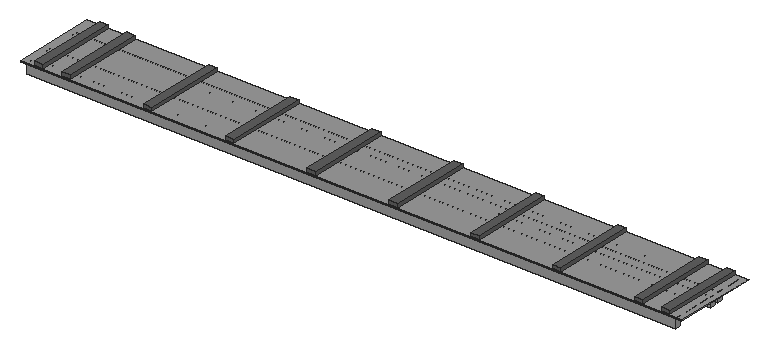
Revit family "9100-C", category Generic Models, host Ceiling, Revit 2020
Family settings
  Host = Ceiling
  Can host rebar = No
  Round Connector Dimension = Use Diameter
  Part Type = Normal
  Always vertical = Yes
  Cut with Voids When Loaded = No
  Shared = No
  Room Calculation Point = No
Parameters
  min_value [instance] = 1' - 11 1/4"  # constant formula
  max_value [instance] = 11' - 11 1/4"  # constant formula
  actual_value [instance] = if(NET LENGTH < min_value, min_value, if(NET LENGTH > max_value, max_value, NET LENGTH))  # 7' - 11 1/4"
  SCRIM MATERIAL [instance] = SCRIM
  SCRIM [instance] = yes
  IMPORTANT NOTE!!!                                                                             *Backer layout is for visualization purposes only, final layout to be determined by 9Wood. = ""
  Default Elevation = 0' - 0"
  BACKER MATERIAL [instance] = BLACK-BACKERS
  .. MEMBER MATERIAL [instance] = Solid Western Hemlock
  NET LENGTH [instance] = 7' - 11 1/4"
  .. MEMBER LENGTH [instance] = actual_value  # 7' - 11 1/4"
Reference planes (in)
  plane 1 "Center (Front/Back)": y = 0
  plane 2 "Ceiling": z = 96
  plane 3 "Center (Left/Right)": x = 0
Dimensions and locks (in)
  equal spacing: host sketch curve, plane 3 "Center (Left/Right)", host sketch curve
  equal spacing: host sketch curve, plane 1 "Center (Front/Back)", host sketch curve
  host sketch curve to host sketch curve = 10' - 0"  (x2)
  aligned and locked: host ceiling to nested 1
Nested families (in)
  nested 1: "9100-C SERIES CONFIG - 6 MEMBER" at (19.74957, -10.64453, 95.5), .. MEMBER LENGTH <- ".. MEMBER LENGTH", .. MEMBER MATERIAL <- ".. MEMBER MATERIAL", BACKING M MATERIAL <- "BACKER MATERIAL", SCRIM  MATERIAL <- "SCRIM MATERIAL", SCRIM <- "SCRIM", type "9100-C SERIES CONFIG - 6 MEMBER"
    with X 7' - 8", SCRIM OVERHANG 2 0' - 0 3/32", SCRIM OVERHANG 0' - 0 7/8", SCRIM LENGTH 8' - 1", SCRIM  MATERIAL SCRIM, SCRIM yes, NOMINAL LENGTH 6, N 8, Inset 6' - 0 3/8", INSET 0' - 1", INDEX 0' - 5 5/8", HYBRID SPACING 5 0' - 9 3/32", HYBRID SPACING 4 0' - 7 23/32", HYBRID SPACING 3 0' - 6 5/16", HYBRID SPACING 2 0' - 4 9/32", HYBRID SPACING 1 0' - 1 13/32", HYBRID DIM 3.25" 0' - 3 1/4", HYBRID DIM 2.25" 0' - 2 1/4", HYBRID DIM 1.375" 0' - 1 3/8", HYBRID DIM 0.625" 0' - 0 3/4", HALF MEMBER WIDTH 0' - 0 3/8", HALF LENGTH 3' - 11 5/8", END BACKER yes, BACKING M WIDTH 0' - 1 1/4", BACKING M OC SPACING 1' - 0", BACKING M MATERIAL BLACK-BACKERS, BACKING M LENGTH 0' - 11 7/8", BACKING M DEPTH 0' - 0 1/2", BACKING M COUNT 8, 3/16" INSET 0' - 0 3/16", .. MEMBER WIDTH 0' - 0 5/8", .. MEMBER OC SPACING 0' - 3", .. MEMBER MATERIAL Solid Western Hemlock, .. MEMBER LENGTH 7' - 11 1/4", .. MEMBER DEPTH 0' - 0 5/8", .. MEMBER COUNT 4
Definition of nested family "9100-C SERIES CONFIG - 6 MEMBER"
  Parameters (values of type "9100-C SERIES CONFIG - 6 MEMBER")
    X [instance] = .. MEMBER LENGTH - 0' 3 1/4"  # 6' - 8"
    SCRIM OVERHANG 2 [instance] = 0' - 0 3/32"  # constant formula
    SCRIM OVERHANG [instance] = 0' - 0 7/8"  # constant formula
    SCRIM LENGTH [instance] = .. MEMBER LENGTH + (SCRIM OVERHANG * 2)  # 7' - 1"
    SCRIM  MATERIAL [instance] = none
    SCRIM [instance] = yes
    NOMINAL LENGTH [instance] = 6
    N [instance] = if((X - (rounddown(X / 1' 0") * 1' 0")) > 1' 0", rounddown(X / 1' 0") + 2, rounddown(X / 1' 0") + 1)  # 7
    Inset [instance] = 6' - 0 3/8"  # constant formula
    INSET [instance] = 0' - 1"  # constant formula
    INDEX [instance] = (.. MEMBER LENGTH - ((N - 1) * 1' 0")) / 2  # 0' - 5 5/8"
    HYBRID SPACING 5 [instance] = 0' - 9 3/32"  # constant formula
    HYBRID SPACING 4 [instance] = 0' - 7 23/32"  # constant formula
    HYBRID SPACING 3 [instance] = 0' - 6 5/16"  # constant formula
    HYBRID SPACING 2 [instance] = 0' - 4 9/32"  # constant formula
    HYBRID SPACING 1 [instance] = 0' - 1 13/32"  # constant formula
    HYBRID DIM 3.25" [instance] = 0' - 3 1/4"  # constant formula
    HYBRID DIM 2.25" [instance] = 0' - 2 1/4"  # constant formula
    HYBRID DIM 1.375" [instance] = 0' - 1 3/8"  # constant formula
    HYBRID DIM 0.625" [instance] = 0' - 0 3/4"  # constant formula
    HALF MEMBER WIDTH [instance] = [HYBRID DIM 0.625"] / 2  # 0' - 0 3/8"
    HALF LENGTH [instance] = .. MEMBER LENGTH / 2  # 3' - 5 5/8"
    END BACKER [instance] = INDEX > 0' 3 5/8"  # yes
    Default Elevation = 0' - 0"
    BACKING M WIDTH [instance] = 0' - 1 1/4"
    BACKING M MATERIAL [instance] = none
    BACKING M LENGTH [instance] = 0' - 11 7/8"
    BACKING M DEPTH [instance] = 0' - 0 1/2"
    BACKING M COUNT [instance] = N  # 7
    BACKING M OC SPACING [instance] = 1' - 0"  # constant formula
    3/16" INSET [instance] = 0' - 0 3/16"  # constant formula
    .. MEMBER WIDTH [instance] = 0' - 0 3/4"
    .. MEMBER OC SPACING [instance] = 1' 0" / .. MEMBER COUNT  # 0' - 3"
    .. MEMBER MATERIAL [instance] = none
    .. MEMBER LENGTH [instance] = 6' - 11 1/4"
    .. MEMBER DEPTH [instance] = 0' - 0 3/4"
    .. MEMBER COUNT [instance] = 4
  Reference planes (in)
    plane 1 "Center (Front/Back)": y = -2
    plane 2: z = 0
    plane 3 "Center (Left/Right)": x = 0
    plane 4: x = 1
    plane 5: x = 5.625
    plane 6: x = 41.625
    plane 7: x = 83.25
    plane 8: x = 82.25
    plane 9: x = 17.625
    plane 10: y = -1.8125
    plane 11: y = -0.59375
    plane 12: x = 84.125
    plane 13: x = -0.875
    plane 14: z = 0.11056
    plane 15: y = 2.28125
    plane 16: y = 4.3125
    plane 17: y = -1.625
    plane 18: y = 5.71875
    plane 19: y = 7.09375
    plane 20: y = -2.09375
    plane 21: y = 10.0625
    plane 22: y = 10.15625
  Dimensions and locks (in)
    "INSET": plane 3 "Center (Left/Right)" to plane 4
    "INDEX": plane 3 "Center (Left/Right)" to plane 5
    "HALF LENGTH": plane 3 "Center (Left/Right)" to plane 6
    ".. MEMBER LENGTH": plane 3 "Center (Left/Right)" to plane 7
    "INSET": plane 8 to plane 7
    equal spacing: group 1, group 2, group 3, group 4, group 5, group 6, group 7  (x3)
    "3/16" INSET": plane 1 "Center (Front/Back)" to plane 10
    "SCRIM OVERHANG": plane 13 to plane 3 "Center (Left/Right)"
    "SCRIM OVERHANG": plane 7 to plane 12
    "BACKING M OC SPACING": plane 5 to plane 9
    "HYBRID SPACING 1": plane 1 "Center (Front/Back)" to plane 11
    "HYBRID SPACING 2": plane 1 "Center (Front/Back)" to plane 15
    "HYBRID SPACING 3": plane 1 "Center (Front/Back)" to plane 16
    "HALF MEMBER WIDTH": plane 1 "Center (Front/Back)" to plane 17
    "HYBRID SPACING 4": plane 1 "Center (Front/Back)" to plane 18
    "HYBRID SPACING 5": plane 1 "Center (Front/Back)" to plane 19
    "SCRIM OVERHANG 2": plane 22 to plane 21
    "SCRIM OVERHANG 2": plane 20 to plane 1 "Center (Front/Back)"
    aligned and locked: level to plane 2
    aligned and locked: plane 6 to nested 1
    aligned and locked: nested 2 to plane 4
    aligned and locked: plane 5 to nested 3
    aligned and locked: nested 2 to plane 10
    aligned and locked: nested 3 to plane 10
    aligned and locked: nested 5 to plane 10
    aligned and locked: nested 4 to plane 10
    aligned and locked: nested 8 to plane 13
    aligned and locked: nested 9 to plane 3 "Center (Left/Right)"  (x2)
    aligned and locked: plane 9 to nested 5
    aligned and locked: plane 8 to nested 4
    aligned and locked: plane 11 to nested 9
    aligned and locked: nested 10 to plane 15
    aligned and locked: nested 14 to plane 16
    aligned and locked: nested 14 to plane 3 "Center (Left/Right)"
    aligned and locked: nested 10 to plane 3 "Center (Left/Right)"
    aligned and locked: plane 3 "Center (Left/Right)" to nested 9
    aligned and locked: nested 1 to plane 3 "Center (Left/Right)"
    aligned and locked: nested 1 to plane 17
    aligned and locked: nested 15 to plane 18
    aligned and locked: nested 16 to plane 19
    aligned and locked: nested 16 to plane 3 "Center (Left/Right)"
    aligned and locked: nested 15 to plane 3 "Center (Left/Right)"
    aligned and locked: plane 3 "Center (Left/Right)" to nested 14
    aligned and locked: plane 3 "Center (Left/Right)" to nested 10
    aligned and locked: plane 3 "Center (Left/Right)" to nested 1
    aligned and locked: plane 21 to nested 7
    aligned and locked: nested 8 to plane 20
    aligned and locked: plane 22 to nested 8
  Nested families (in)
    nested 1: "INSTANCE - Parametric Cube" at (41.625, -1.625, -0.0625), Length <- "HYBRID DIM 0.625"", Height <- "HYBRID DIM 1.375"", Width <- ".. MEMBER LENGTH", Material <- ".. MEMBER MATERIAL", type "INSTANCE - Parametric Cube"
      with Width 6' - 11 1/4", Material none, Length 0' - 0 3/4", Height 0' - 1 3/8"
    nested 2: "2ND INSTANCE - Parametric Cube" at (1.625, 4.125, 0), Height <- "BACKING M DEPTH", Length <- "BACKING M LENGTH", Width <- "BACKING M WIDTH", Material <- "BACKING M MATERIAL", visible <- "END BACKER", type "2ND INSTANCE - Parametric Cube"
      with Width 0' - 1 1/4", Material none, Length 0' - 11 7/8", Height 0' - 0 1/2"
    nested 3: "2ND INSTANCE - Parametric Cube" at (5.625, 4.125, 0), Length <- "BACKING M LENGTH", Height <- "BACKING M DEPTH", Width <- "BACKING M WIDTH", Material <- "BACKING M MATERIAL", type "2ND INSTANCE - Parametric Cube"
      with Width 0' - 1 1/4", Material none, Length 0' - 11 7/8", Height 0' - 0 1/2"
    nested 4: "2ND INSTANCE - Parametric Cube" at (81.625, 4.125, 0), Width <- "BACKING M WIDTH", Length <- "BACKING M LENGTH", Height <- "BACKING M DEPTH", Material <- "BACKING M MATERIAL", visible <- "END BACKER", type "2ND INSTANCE - Parametric Cube"
      with Width 0' - 1 1/4", Material none, Length 0' - 11 7/8", Height 0' - 0 1/2"
    nested 5: "2ND INSTANCE - Parametric Cube" at (17.625, 4.125, 0), Length <- "BACKING M LENGTH", Height <- "BACKING M DEPTH", Width <- "BACKING M WIDTH", Material <- "BACKING M MATERIAL", type "2ND INSTANCE - Parametric Cube"
      with Width 0' - 1 1/4", Material none, Length 0' - 11 7/8", Height 0' - 0 1/2"
    nested 6: "2ND INSTANCE - Parametric Cube" at (29.625, 4.125, 0), Length <- "BACKING M LENGTH", Height <- "BACKING M DEPTH", Width <- "BACKING M WIDTH", Material <- "BACKING M MATERIAL", type "2ND INSTANCE - Parametric Cube"
      with Width 0' - 1 1/4", Material none, Length 0' - 11 7/8", Height 0' - 0 1/2"
    nested 7: "2ND INSTANCE - Parametric Cube" at (41.625, 4.125, 0), Length <- "BACKING M LENGTH", Height <- "BACKING M DEPTH", Width <- "BACKING M WIDTH", Material <- "BACKING M MATERIAL", type "2ND INSTANCE - Parametric Cube"
      with Width 0' - 1 1/4", Material none, Length 0' - 11 7/8", Height 0' - 0 1/2"
    nested 8: "3RD INSTANCE - Parametric Cube" at (41.625, 4.03125, -0.0625), Width <- "SCRIM LENGTH", Material <- "SCRIM  MATERIAL", visible <- "SCRIM", type "3RD INSTANCE - Parametric Cube"
      with Width 7' - 1", Material none, Length 1' - 0 1/4", Height 0' - 0 1/16"
    nested 9: "INSTANCE - Parametric Cube" at (41.625, 0.53125, -0.0625), Length <- "HYBRID DIM 2.25"", Height <- ".. MEMBER DEPTH", Width <- ".. MEMBER LENGTH", Material <- ".. MEMBER MATERIAL", type "INSTANCE - Parametric Cube"
      with Width 6' - 11 1/4", Material none, Length 0' - 2 1/4", Height 0' - 0 3/4"
    nested 10: "INSTANCE - Parametric Cube" at (41.625, 2.96875, -0.0625), Length <- "HYBRID DIM 1.375"", Height <- ".. MEMBER DEPTH", Width <- ".. MEMBER LENGTH", Material <- ".. MEMBER MATERIAL", type "INSTANCE - Parametric Cube"
      with Width 6' - 11 1/4", Material none, Length 0' - 1 3/8", Height 0' - 0 3/4"
    nested 11: "2ND INSTANCE - Parametric Cube" at (53.625, 4.125, 0), Length <- "BACKING M LENGTH", Height <- "BACKING M DEPTH", Width <- "BACKING M WIDTH", Material <- "BACKING M MATERIAL", type "2ND INSTANCE - Parametric Cube"
      with Width 0' - 1 1/4", Material none, Length 0' - 11 7/8", Height 0' - 0 1/2"
    nested 12: "2ND INSTANCE - Parametric Cube" at (65.625, 4.125, 0), Length <- "BACKING M LENGTH", Height <- "BACKING M DEPTH", Width <- "BACKING M WIDTH", Material <- "BACKING M MATERIAL", type "2ND INSTANCE - Parametric Cube"
      with Width 0' - 1 1/4", Material none, Length 0' - 11 7/8", Height 0' - 0 1/2"
    nested 13: "2ND INSTANCE - Parametric Cube" at (77.625, 4.125, 0), Length <- "BACKING M LENGTH", Height <- "BACKING M DEPTH", Width <- "BACKING M WIDTH", Material <- "BACKING M MATERIAL", type "2ND INSTANCE - Parametric Cube"
      with Width 0' - 1 1/4", Material none, Length 0' - 11 7/8", Height 0' - 0 1/2"
    nested 14: "INSTANCE - Parametric Cube" at (41.625, 4.6875, -0.0625), Length <- "HYBRID DIM 0.625"", Height <- "HYBRID DIM 1.375"", Width <- ".. MEMBER LENGTH", Material <- ".. MEMBER MATERIAL", type "INSTANCE - Parametric Cube"
      with Width 6' - 11 1/4", Material none, Length 0' - 0 3/4", Height 0' - 1 3/8"
    nested 15: "INSTANCE - Parametric Cube" at (41.625, 6.09375, -0.0625), Length <- "HYBRID DIM 0.625"", Height <- "HYBRID DIM 1.375"", Width <- ".. MEMBER LENGTH", Material <- ".. MEMBER MATERIAL", type "INSTANCE - Parametric Cube"
      with Width 6' - 11 1/4", Material none, Length 0' - 0 3/4", Height 0' - 1 3/8"
    nested 16: "INSTANCE - Parametric Cube" at (41.625, 8.21875, -0.0625), Length <- "HYBRID DIM 2.25"", Height <- ".. MEMBER DEPTH", Width <- ".. MEMBER LENGTH", Material <- ".. MEMBER MATERIAL", type "INSTANCE - Parametric Cube"
      with Width 6' - 11 1/4", Material none, Length 0' - 2 1/4", Height 0' - 0 3/4"
  Definition of nested family "INSTANCE - Parametric Cube"
    Parameters (values of type "INSTANCE - Parametric Cube")
      Width [instance] = 0' - 6"
      Material [instance] = none
      Length [instance] = 1' - 0"
      Height [instance] = 1' - 6"
      Default Elevation = 0' - 0"
    Reference planes (in)
      plane 1 "Center (Front/Back)": y = 0
      plane 2: z = 0
      plane 3 "Center (Left/Right)": x = 0
      plane 4: x = -3
      plane 5: x = 3
      plane 6: y = 6
      plane 7: y = -6
      plane 8: z = -18
    Forms (in)
      Extrusion 1, solid, material <- "Material"
        sketch origin (0, 0, 0) x (1, 0, 0) y (0, 1, 0)
          loop
            line (-3, 6) -> (-3, -6) -> (3, -6) -> (3, 6) -> (-3, 6)
        from -18 to 0
    Dimensions and locks (in)
      equal spacing: plane 4, plane 3 "Center (Left/Right)", plane 5
      equal spacing: plane 6, plane 1 "Center (Front/Back)", plane 7
      "Length": plane 6 to plane 7
      "Width": plane 4 to plane 5
      "Height": plane 8 to level
      aligned and locked: plane 2 to level
      aligned and locked: Extrusion 1 sketch curve to plane 6
      aligned and locked: plane 4 to Extrusion 1 sketch curve
      aligned and locked: plane 7 to Extrusion 1 sketch curve
      aligned and locked: Extrusion 1 sketch curve to plane 5
      aligned and locked: Extrusion 1 to plane 8
  Definition of nested family "2ND INSTANCE - Parametric Cube"
    Parameters (values of type "2ND INSTANCE - Parametric Cube")
      Width [instance] = 0' - 6"
      Material [instance] = none
      Length [instance] = 1' - 0"
      Height [instance] = 1' - 6"
      Default Elevation = 0' - 0"
    Reference planes (in)
      plane 1 "Center (Front/Back)": y = 0
      plane 2: z = 0
      plane 3 "Center (Left/Right)": x = 0
      plane 4: x = -3
      plane 5: x = 3
      plane 6: y = 6
      plane 7: y = -6
      plane 8: z = 18
    Forms (in)
      Extrusion 1, solid, material <- "Material"
        sketch origin (0, 0, 0) x (1, 0, 0) y (0, 1, 0)
          loop
            line (-3, 6) -> (-3, -6) -> (3, -6) -> (3, 6) -> (-3, 6)
        from 0 to 18
    Dimensions and locks (in)
      equal spacing: plane 4, plane 3 "Center (Left/Right)", plane 5
      equal spacing: plane 6, plane 1 "Center (Front/Back)", plane 7
      "Length": plane 6 to plane 7
      "Width": plane 4 to plane 5
      "Height": level to plane 8
      aligned and locked: plane 2 to level
      aligned and locked: Extrusion 1 sketch curve to plane 6
      aligned and locked: plane 4 to Extrusion 1 sketch curve
      aligned and locked: plane 7 to Extrusion 1 sketch curve
      aligned and locked: Extrusion 1 sketch curve to plane 5
      aligned and locked: plane 8 to Extrusion 1
      aligned and locked: Extrusion 1 to level
  Definition of nested family "3RD INSTANCE - Parametric Cube"
    Parameters (values of type "3RD INSTANCE - Parametric Cube")
      Width [instance] = 0' - 6"
      Material [instance] = none
      Length [instance] = 1' - 0"
      Height [instance] = 1' - 6"
      Default Elevation = 0' - 0"
    Reference planes (in)
      plane 1 "Center (Front/Back)": y = 0
      plane 2: z = 0
      plane 3 "Center (Left/Right)": x = 0
      plane 4: x = -3
      plane 5: x = 3
      plane 6: y = 6
      plane 7: y = -6
      plane 8: z = 18
    Forms (in)
      Extrusion 1, solid, material <- "Material"
        sketch origin (0, 0, 0) x (1, 0, 0) y (0, 1, 0)
          loop
            line (-3, 6) -> (-3, -6) -> (3, -6) -> (3, 6) -> (-3, 6)
        from 0 to 18
    Dimensions and locks (in)
      equal spacing: plane 4, plane 3 "Center (Left/Right)", plane 5
      equal spacing: plane 6, plane 1 "Center (Front/Back)", plane 7
      "Length": plane 6 to plane 7
      "Width": plane 4 to plane 5
      "Height": level to plane 8
      aligned and locked: plane 2 to level
      aligned and locked: Extrusion 1 sketch curve to plane 6
      aligned and locked: plane 4 to Extrusion 1 sketch curve
      aligned and locked: plane 7 to Extrusion 1 sketch curve
      aligned and locked: Extrusion 1 sketch curve to plane 5
      aligned and locked: plane 8 to Extrusion 1
      aligned and locked: Extrusion 1 to level
